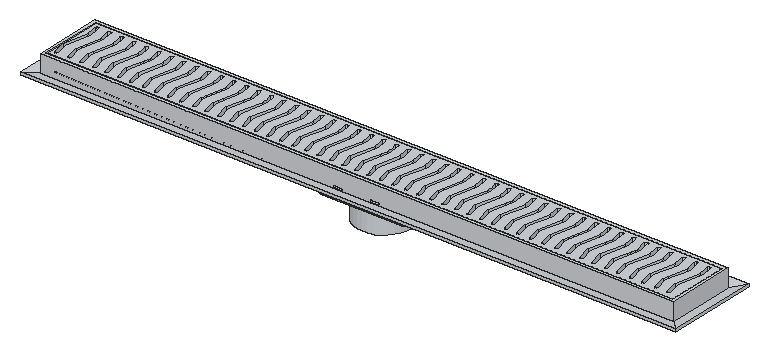
Revit family "Ralo_Linear_Grelha", category Plumbing Fixtures, host Face, Revit 2025
Family settings
  Host = Face
  Round Connector Dimension = Use Radius
  Part Type = Normal
  Enable Cutting in Views = No
  Cut with Voids When Loaded = No
  Maintain Annotation Orientation = No
  Shared = No
  Room Calculation Point = No
Parameters (values of type "RALO LINEAR 50CM FLAT GRELHA BRANCA CB")
  Vazios Grelha = 25
  URL = "http://www.tigre.com.br"
  Tigre: Sistema = "Esgoto"  # constant formula
  Tigre: Norma = ""
  Tigre: Material = "PVC Branco"
  Tigre: Marcador = "00"
  Tigre: Link do Produto = "http://www.tigre.com.br/pt/produtos_unico.php?rcr_id=4&cpr_id=10&cpr_id_pai=4&lnh_id=11&prd_id=129"
  Tigre: Linha = "Caixas e Ralos"  # constant formula
  Tigre: Fabricante = "© Tigre S/A"  # constant formula
  Tigre: Descrição = "Ralo Linear Grelha Branca 50cm, Esgoto - TIGRE"
  Tigre: Código com Separador = "100.01.890.2"
  Tigre: Código = 100018902
  Tigre: Comentários = ""
  Raio Nominal = Diâmetro Nominal / 2  # 20.00 mm
  Model = ""
  Manufacturer = Tigre: Fabricante  # "© Tigre S/A"
  Grelha [instance] = none
  Diâmetro Nominal = 40.00 mm
  Description = Tigre: Descrição  # "Ralo Linear Grelha Branca 50cm, Esgoto - TIGRE"
  Default Elevation = 0.00 mm
  Cota L = 503.00 mm
  Caixas e Ralos [instance] = none
Reference planes
  plane 1 "Center (Front/Back)": y = 0
  plane 2: z = 0
  plane 3 "Center (Left/Right)": x = 0
  plane 4: z = -100
  plane 5: z = 0
  plane 6: z = -25
  plane 7: z = 0
  plane 8: z = -12.46
  plane 9: z = -29.088
  plane 10: z = -32.467
  plane 11: x = -254
  plane 12: x = -251.5
  plane 13: x = 254
  plane 14: x = 251.5
  plane 15: y = 27.5
  plane 16: y = 25
  plane 17: y = -27.5
  plane 18: y = -25
  plane 19: z = -41
  plane 20: x = -250.999
  plane 21: y = 24.5
  plane 22: y = -24.5
  plane 23: x = 251
  plane 24: x = -263
  plane 25: y = 36.5
  plane 26: y = -36.5
  plane 27: x = 263
  plane 28: x = -65.5
  plane 29: x = -145.5
  plane 30: x = -225.5
  plane 31: x = 65.5
  plane 32: x = 145.5
  plane 33: x = 225.5
Forms (mm)
  Blend 1, solid, material <- "Caixas e Ralos", detail levels fine
    base sketch origin (0, 0, 6.5) x (0, 1, 0) y (0, 0, 1)
      loop
        line (-27.5, -6.5) -> (-27.5, -21.002) -> (-17.424, -21.002) -> (-16.876, -22.911)
        arc (-16.876, -22.911) -> (-16.157, -23.957) -> (-14.954, -24.36) r 2
        line (-14.954, -24.36) -> (14.954, -24.36)
        arc (14.954, -24.36) -> (16.157, -23.957) -> (16.876, -22.911) r 2
        line (16.876, -22.911) -> (17.424, -21.002) -> (27.5, -21.002) -> (27.5, -6.5) -> (-27.5, -6.5)
    top sketch origin (0, 0, 6.5) x (0, 1, 0) y (0, 0, 1)
      loop
        line (-27.5, -6.5) -> (-27.5, -21.301) -> (-20.644, -21.301) -> (-18.902, -27.301)
        arc (-18.902, -27.301) -> (-18.221, -28.447) -> (-16.966, -28.897) r 1.972
        line (-16.966, -28.897) -> (16.984, -28.897)
        arc (16.984, -28.897) -> (18.237, -28.447) -> (18.918, -27.304) r 1.97
        line (18.918, -27.304) -> (20.644, -21.301) -> (27.5, -21.301) -> (27.5, -6.5) -> (-27.5, -6.5)
    from 251.5 to 0
  Extrusion 2, solid, material <- "Caixas e Ralos", detail levels fine
    sketch origin (0, 0, 6.5) x (0, 1, 0) y (0, 0, 1)
      loop
        line (-27.5, -6.5) -> (-27.5, -21.002) -> (-17.424, -21.002) -> (-16.876, -22.911)
        arc (-16.876, -22.911) -> (-16.157, -23.957) -> (-14.954, -24.36) r 2
        line (-14.954, -24.36) -> (14.954, -24.36)
        arc (14.954, -24.36) -> (16.157, -23.957) -> (16.876, -22.911) r 2
        line (16.876, -22.911) -> (17.424, -21.002) -> (27.5, -21.002) -> (27.5, -6.5) -> (-27.5, -6.5)
    from 251.5 to 254
  Blend 3, solid, material <- "Caixas e Ralos", detail levels fine
    base sketch origin (0, 0, 6.5) x (0, 1, 0) y (0, 0, -1)
      loop
        line (-27.5, 6.5) -> (27.5, 6.5) -> (27.5, 21.002) -> (17.424, 21.002) -> (16.876, 22.911)
        arc (16.876, 22.911) -> (16.157, 23.957) -> (14.954, 24.36) r 2
        line (14.954, 24.36) -> (-14.954, 24.36)
        arc (-14.954, 24.36) -> (-16.157, 23.957) -> (-16.876, 22.911) r 2
        line (-16.876, 22.911) -> (-17.424, 21.002) -> (-27.5, 21.002) -> (-27.5, 6.5)
    top sketch origin (0, 0, 6.5) x (0, 1, 0) y (0, 0, -1)
      loop
        line (-27.5, 6.5) -> (27.5, 6.5) -> (27.5, 21.301) -> (20.644, 21.301) -> (18.918, 27.304)
        arc (18.918, 27.304) -> (18.237, 28.447) -> (16.984, 28.897) r 1.97
        line (16.984, 28.897) -> (-16.966, 28.897)
        arc (-16.966, 28.897) -> (-18.221, 28.447) -> (-18.902, 27.301) r 1.972
        line (-18.902, 27.301) -> (-20.644, 21.301) -> (-27.5, 21.301) -> (-27.5, 6.5)
    from 251.5 to 0
  Blend 4, void
    base sketch origin (0, 0, 6.5) x (0, 1, 0) y (0, 0, -1)
      loop
        line (25, 6.5) -> (25, 18.502) -> (15.54, 18.502) -> (14.577, 21.86) -> (-14.577, 21.86) -> (-15.54, 18.502) -> (-25, 18.502) -> (-25, 6.5) -> (25, 6.5)
    top sketch origin (0, 0, 6.5) x (0, 1, 0) y (0, 0, -1)
      loop
        line (25, 18.801) -> (18.762, 18.801) -> (16.577, 26.397) -> (-16.562, 26.397) -> (-18.767, 18.801) -> (-25, 18.801) -> (-25, 6.5) -> (25, 6.5) -> (25, 18.801)
    from 251.5 to 0
  Extrusion 5, solid, material <- "Caixas e Ralos", detail levels fine
    sketch origin (0, 0, 6.5) x (0, 1, 0) y (0, 0, -1)
      loop
        line (-27.5, 6.5) -> (27.5, 6.5) -> (27.5, 21.002) -> (17.424, 21.002) -> (16.876, 22.911)
        arc (16.876, 22.911) -> (16.157, 23.957) -> (14.954, 24.36) r 2
        line (14.954, 24.36) -> (-14.954, 24.36)
        arc (-14.954, 24.36) -> (-16.157, 23.957) -> (-16.876, 22.911) r 2
        line (-16.876, 22.911) -> (-17.424, 21.002) -> (-27.5, 21.002) -> (-27.5, 6.5)
    from 251.5 to 254
  Extrusion 6, solid, material <- "Caixas e Ralos", detail levels fine
    sketch origin (-193.051, -4572, -2.502) x (-1, 0, 0) y (0, -1, 0)
      loop
        line (-154.333, -4587.145) -> (-154.333, -4556.855)
        arc (-154.333, -4556.855) -> (-156.676, -4551.199) -> (-162.333, -4548.855) r 8
        line (-162.333, -4548.855) -> (-223.768, -4548.855)
        arc (-223.768, -4548.855) -> (-229.425, -4551.199) -> (-231.768, -4556.855) r 8
        line (-231.768, -4556.855) -> (-231.768, -4587.145)
        arc (-231.768, -4587.145) -> (-229.425, -4592.801) -> (-223.768, -4595.145) r 8
        line (-223.768, -4595.145) -> (-162.333, -4595.145)
        arc (-162.333, -4595.145) -> (-156.676, -4592.801) -> (-154.333, -4587.145) r 8
      loop
        line (-156.833, -4587.145) -> (-156.833, -4556.855)
        arc (-156.833, -4556.855) -> (-158.444, -4552.966) -> (-162.333, -4551.355) r 5.5
        line (-162.333, -4551.355) -> (-223.768, -4551.355)
        arc (-223.768, -4551.355) -> (-227.657, -4552.966) -> (-229.268, -4556.855) r 5.5
        line (-229.268, -4556.855) -> (-229.268, -4587.145)
        arc (-229.268, -4587.145) -> (-227.657, -4591.034) -> (-223.768, -4592.645) r 5.5
        line (-223.768, -4592.645) -> (-162.333, -4592.645)
        arc (-162.333, -4592.645) -> (-158.444, -4591.034) -> (-156.833, -4587.145) r 5.5
    from -20.216 to -9.958
  Extrusion 7, solid, material <- "Caixas e Ralos", detail levels fine
    sketch origin (-193.051, -4572, -2.502) x (-1, 0, 0) y (0, -1, 0)
      loop
        line (-154.333, -4587.145) -> (-154.333, -4556.855)
        arc (-154.333, -4556.855) -> (-156.676, -4551.199) -> (-162.333, -4548.855) r 8
        line (-162.333, -4548.855) -> (-223.768, -4548.855)
        arc (-223.768, -4548.855) -> (-229.425, -4551.199) -> (-231.768, -4556.855) r 8
        line (-231.768, -4556.855) -> (-231.768, -4587.145)
        arc (-231.768, -4587.145) -> (-229.425, -4592.801) -> (-223.768, -4595.145) r 8
        line (-223.768, -4595.145) -> (-162.333, -4595.145)
        arc (-162.333, -4595.145) -> (-156.676, -4592.801) -> (-154.333, -4587.145) r 8
      loop
        circle (-193.051, -4572) r 20
    from -22.498 to -20.216
  Extrusion 8, solid, material <- "Caixas e Ralos", detail levels fine
    sketch origin (-193.051, -4572, -2.502) x (-1, 0, 0) y (0, -1, 0)
      loop
        circle (-193.051, -4572) r 20
      loop
        circle (-193.051, -4572) r 22
    from -38.498 to -22.498
  Extrusion 9, void
    sketch origin (-193.051, -4572, -2.502) x (-1, 0, 0) y (0, -1, 0)
      loop
        circle (-193.051, -4572) r 19
    from -22.498 to -16.798
  Extrusion 10, solid, material <- "Caixas e Ralos", detail levels fine
    sketch origin (-193.051, -4572, -2.502) x (-1, 0, 0) y (0, -1, 0)
      loop
        line (69.949, -4608.5) -> (69.949, -4535.5) -> (-456.051, -4535.5) -> (-456.051, -4608.5) -> (69.949, -4608.5)
      loop
        line (-447.051, -4599.5) -> (60.949, -4599.5) -> (60.949, -4544.5) -> (-447.051, -4544.5) -> (-447.051, -4599.5)
    from -12 to -9.958
  Extrusion 11, solid, material <- "Grelha", detail levels fine
    sketch origin (-193.051, -4572, -9.002) x (-1, 0, 0) y (0, -1, 0)
      loop
        line (57.949, -4596.5) -> (57.949, -4547.5) -> (-444.051, -4547.5) -> (-444.051, -4596.5) -> (57.949, -4596.5)
    from 0 to 9.002
  Extrusion 12, void
    sketch origin (-183.051, -4572, -9.002) x (-1, 0, 0) y (0, -1, 0)
      loop
        line (-175.673, -4591.389) -> (-177.204, -4582.705) -> (-172.709, -4563.237) -> (-175.57, -4551.858)
        arc (-175.57, -4551.858) -> (-177.239, -4550.86) -> (-178.237, -4552.528) r 1.375
        line (-178.237, -4552.528) -> (-175.538, -4563.264) -> (-180.009, -4582.632) -> (-178.381, -4591.866)
        arc (-178.381, -4591.866) -> (-176.788, -4592.982) -> (-175.673, -4591.389) r 1.375
    from 0 to 9.002
  Extrusion 13, void
    sketch origin (-193.076, -4572, -9.002) x (-1, 0, 0) y (0, -1, 0)
      loop
        line (-175.673, -4591.389) -> (-177.204, -4582.705) -> (-172.709, -4563.237) -> (-175.57, -4551.858)
        arc (-175.57, -4551.858) -> (-177.239, -4550.86) -> (-178.237, -4552.528) r 1.375
        line (-178.237, -4552.528) -> (-175.538, -4563.264) -> (-180.009, -4582.632) -> (-178.381, -4591.866)
        arc (-178.381, -4591.866) -> (-176.788, -4592.982) -> (-175.673, -4591.389) r 1.375
    from 0 to 9.002
  Extrusion 14, void
    sketch origin (-203.101, -4572, -9.002) x (-1, 0, 0) y (0, -1, 0)
      loop
        line (-175.673, -4591.389) -> (-177.204, -4582.705) -> (-172.709, -4563.237) -> (-175.57, -4551.858)
        arc (-175.57, -4551.858) -> (-177.239, -4550.86) -> (-178.237, -4552.528) r 1.375
        line (-178.237, -4552.528) -> (-175.538, -4563.264) -> (-180.009, -4582.632) -> (-178.381, -4591.866)
        arc (-178.381, -4591.866) -> (-176.788, -4592.982) -> (-175.673, -4591.389) r 1.375
    from 0 to 9.002
  Extrusion 15, void
    sketch origin (-213.126, -4572, -9.002) x (-1, 0, 0) y (0, -1, 0)
      loop
        line (-175.673, -4591.389) -> (-177.204, -4582.705) -> (-172.709, -4563.237) -> (-175.57, -4551.858)
        arc (-175.57, -4551.858) -> (-177.239, -4550.86) -> (-178.237, -4552.528) r 1.375
        line (-178.237, -4552.528) -> (-175.538, -4563.264) -> (-180.009, -4582.632) -> (-178.381, -4591.866)
        arc (-178.381, -4591.866) -> (-176.788, -4592.982) -> (-175.673, -4591.389) r 1.375
    from 0 to 9.002
  Extrusion 16, void
    sketch origin (-223.151, -4572, -9.002) x (-1, 0, 0) y (0, -1, 0)
      loop
        line (-175.673, -4591.389) -> (-177.204, -4582.705) -> (-172.709, -4563.237) -> (-175.57, -4551.858)
        arc (-175.57, -4551.858) -> (-177.239, -4550.86) -> (-178.237, -4552.528) r 1.375
        line (-178.237, -4552.528) -> (-175.538, -4563.264) -> (-180.009, -4582.632) -> (-178.381, -4591.866)
        arc (-178.381, -4591.866) -> (-176.788, -4592.982) -> (-175.673, -4591.389) r 1.375
    from 0 to 9.002
  Extrusion 17, void
    sketch origin (-233.176, -4572, -9.002) x (-1, 0, 0) y (0, -1, 0)
      loop
        line (-175.673, -4591.389) -> (-177.204, -4582.705) -> (-172.709, -4563.237) -> (-175.57, -4551.858)
        arc (-175.57, -4551.858) -> (-177.239, -4550.86) -> (-178.237, -4552.528) r 1.375
        line (-178.237, -4552.528) -> (-175.538, -4563.264) -> (-180.009, -4582.632) -> (-178.381, -4591.866)
        arc (-178.381, -4591.866) -> (-176.788, -4592.982) -> (-175.673, -4591.389) r 1.375
    from 0 to 9.002
  Extrusion 18, void
    sketch origin (-243.202, -4572, -9.002) x (-1, 0, 0) y (0, -1, 0)
      loop
        line (-175.673, -4591.389) -> (-177.204, -4582.705) -> (-172.709, -4563.237) -> (-175.57, -4551.858)
        arc (-175.57, -4551.858) -> (-177.239, -4550.86) -> (-178.237, -4552.528) r 1.375
        line (-178.237, -4552.528) -> (-175.538, -4563.264) -> (-180.009, -4582.632) -> (-178.381, -4591.866)
        arc (-178.381, -4591.866) -> (-176.788, -4592.982) -> (-175.673, -4591.389) r 1.375
    from 0 to 9.002
  Extrusion 19, void
    sketch origin (-253.227, -4572, -9.002) x (-1, 0, 0) y (0, -1, 0)
      loop
        line (-175.673, -4591.389) -> (-177.204, -4582.705) -> (-172.709, -4563.237) -> (-175.57, -4551.858)
        arc (-175.57, -4551.858) -> (-177.239, -4550.86) -> (-178.237, -4552.528) r 1.375
        line (-178.237, -4552.528) -> (-175.538, -4563.264) -> (-180.009, -4582.632) -> (-178.381, -4591.866)
        arc (-178.381, -4591.866) -> (-176.788, -4592.982) -> (-175.673, -4591.389) r 1.375
    from 0 to 9.002
  Extrusion 20, void
    sketch origin (-263.252, -4572, -9.002) x (-1, 0, 0) y (0, -1, 0)
      loop
        line (-175.673, -4591.389) -> (-177.204, -4582.705) -> (-172.709, -4563.237) -> (-175.57, -4551.858)
        arc (-175.57, -4551.858) -> (-177.239, -4550.86) -> (-178.237, -4552.528) r 1.375
        line (-178.237, -4552.528) -> (-175.538, -4563.264) -> (-180.009, -4582.632) -> (-178.381, -4591.866)
        arc (-178.381, -4591.866) -> (-176.788, -4592.982) -> (-175.673, -4591.389) r 1.375
    from 0 to 9.002
  Extrusion 21, void
    sketch origin (-273.277, -4572, -9.002) x (-1, 0, 0) y (0, -1, 0)
      loop
        line (-175.673, -4591.389) -> (-177.204, -4582.705) -> (-172.709, -4563.237) -> (-175.57, -4551.858)
        arc (-175.57, -4551.858) -> (-177.239, -4550.86) -> (-178.237, -4552.528) r 1.375
        line (-178.237, -4552.528) -> (-175.538, -4563.264) -> (-180.009, -4582.632) -> (-178.381, -4591.866)
        arc (-178.381, -4591.866) -> (-176.788, -4592.982) -> (-175.673, -4591.389) r 1.375
    from 0 to 9.002
  Extrusion 22, void
    sketch origin (-283.302, -4572, -9.002) x (-1, 0, 0) y (0, -1, 0)
      loop
        line (-175.673, -4591.389) -> (-177.204, -4582.705) -> (-172.709, -4563.237) -> (-175.57, -4551.858)
        arc (-175.57, -4551.858) -> (-177.239, -4550.86) -> (-178.237, -4552.528) r 1.375
        line (-178.237, -4552.528) -> (-175.538, -4563.264) -> (-180.009, -4582.632) -> (-178.381, -4591.866)
        arc (-178.381, -4591.866) -> (-176.788, -4592.982) -> (-175.673, -4591.389) r 1.375
    from 0 to 9.002
  Extrusion 23, void
    sketch origin (-293.327, -4572, -9.002) x (-1, 0, 0) y (0, -1, 0)
      loop
        line (-175.673, -4591.389) -> (-177.204, -4582.705) -> (-172.709, -4563.237) -> (-175.57, -4551.858)
        arc (-175.57, -4551.858) -> (-177.239, -4550.86) -> (-178.237, -4552.528) r 1.375
        line (-178.237, -4552.528) -> (-175.538, -4563.264) -> (-180.009, -4582.632) -> (-178.381, -4591.866)
        arc (-178.381, -4591.866) -> (-176.788, -4592.982) -> (-175.673, -4591.389) r 1.375
    from 0 to 9.002
  Extrusion 24, void
    sketch origin (-303.352, -4572, -9.002) x (-1, 0, 0) y (0, -1, 0)
      loop
        line (-175.673, -4591.389) -> (-177.204, -4582.705) -> (-172.709, -4563.237) -> (-175.57, -4551.858)
        arc (-175.57, -4551.858) -> (-177.239, -4550.86) -> (-178.237, -4552.528) r 1.375
        line (-178.237, -4552.528) -> (-175.538, -4563.264) -> (-180.009, -4582.632) -> (-178.381, -4591.866)
        arc (-178.381, -4591.866) -> (-176.788, -4592.982) -> (-175.673, -4591.389) r 1.375
    from 0 to 9.002
  Extrusion 25, void
    sketch origin (-313.378, -4572, -9.002) x (-1, 0, 0) y (0, -1, 0)
      loop
        line (-175.673, -4591.389) -> (-177.204, -4582.705) -> (-172.709, -4563.237) -> (-175.57, -4551.858)
        arc (-175.57, -4551.858) -> (-177.239, -4550.86) -> (-178.237, -4552.528) r 1.375
        line (-178.237, -4552.528) -> (-175.538, -4563.264) -> (-180.009, -4582.632) -> (-178.381, -4591.866)
        arc (-178.381, -4591.866) -> (-176.788, -4592.982) -> (-175.673, -4591.389) r 1.375
    from 0 to 9.002
  Extrusion 26, void
    sketch origin (-323.403, -4572, -9.002) x (-1, 0, 0) y (0, -1, 0)
      loop
        line (-175.673, -4591.389) -> (-177.204, -4582.705) -> (-172.709, -4563.237) -> (-175.57, -4551.858)
        arc (-175.57, -4551.858) -> (-177.239, -4550.86) -> (-178.237, -4552.528) r 1.375
        line (-178.237, -4552.528) -> (-175.538, -4563.264) -> (-180.009, -4582.632) -> (-178.381, -4591.866)
        arc (-178.381, -4591.866) -> (-176.788, -4592.982) -> (-175.673, -4591.389) r 1.375
    from 0 to 9.002
  Extrusion 27, void
    sketch origin (-333.428, -4572, -9.002) x (-1, 0, 0) y (0, -1, 0)
      loop
        line (-175.673, -4591.389) -> (-177.204, -4582.705) -> (-172.709, -4563.237) -> (-175.57, -4551.858)
        arc (-175.57, -4551.858) -> (-177.239, -4550.86) -> (-178.237, -4552.528) r 1.375
        line (-178.237, -4552.528) -> (-175.538, -4563.264) -> (-180.009, -4582.632) -> (-178.381, -4591.866)
        arc (-178.381, -4591.866) -> (-176.788, -4592.982) -> (-175.673, -4591.389) r 1.375
    from 0 to 9.002
  Extrusion 28, void
    sketch origin (-343.453, -4572, -9.002) x (-1, 0, 0) y (0, -1, 0)
      loop
        line (-175.673, -4591.389) -> (-177.204, -4582.705) -> (-172.709, -4563.237) -> (-175.57, -4551.858)
        arc (-175.57, -4551.858) -> (-177.239, -4550.86) -> (-178.237, -4552.528) r 1.375
        line (-178.237, -4552.528) -> (-175.538, -4563.264) -> (-180.009, -4582.632) -> (-178.381, -4591.866)
        arc (-178.381, -4591.866) -> (-176.788, -4592.982) -> (-175.673, -4591.389) r 1.375
    from 0 to 9.002
  Extrusion 29, void
    sketch origin (-353.478, -4572, -9.002) x (-1, 0, 0) y (0, -1, 0)
      loop
        line (-175.673, -4591.389) -> (-177.204, -4582.705) -> (-172.709, -4563.237) -> (-175.57, -4551.858)
        arc (-175.57, -4551.858) -> (-177.239, -4550.86) -> (-178.237, -4552.528) r 1.375
        line (-178.237, -4552.528) -> (-175.538, -4563.264) -> (-180.009, -4582.632) -> (-178.381, -4591.866)
        arc (-178.381, -4591.866) -> (-176.788, -4592.982) -> (-175.673, -4591.389) r 1.375
    from 0 to 9.002
  Extrusion 30, void
    sketch origin (-363.503, -4572, -9.002) x (-1, 0, 0) y (0, -1, 0)
      loop
        line (-175.673, -4591.389) -> (-177.204, -4582.705) -> (-172.709, -4563.237) -> (-175.57, -4551.858)
        arc (-175.57, -4551.858) -> (-177.239, -4550.86) -> (-178.237, -4552.528) r 1.375
        line (-178.237, -4552.528) -> (-175.538, -4563.264) -> (-180.009, -4582.632) -> (-178.381, -4591.866)
        arc (-178.381, -4591.866) -> (-176.788, -4592.982) -> (-175.673, -4591.389) r 1.375
    from 0 to 9.002
  Extrusion 31, void
    sketch origin (-373.528, -4572, -9.002) x (-1, 0, 0) y (0, -1, 0)
      loop
        line (-175.673, -4591.389) -> (-177.204, -4582.705) -> (-172.709, -4563.237) -> (-175.57, -4551.858)
        arc (-175.57, -4551.858) -> (-177.239, -4550.86) -> (-178.237, -4552.528) r 1.375
        line (-178.237, -4552.528) -> (-175.538, -4563.264) -> (-180.009, -4582.632) -> (-178.381, -4591.866)
        arc (-178.381, -4591.866) -> (-176.788, -4592.982) -> (-175.673, -4591.389) r 1.375
    from 0 to 9.002
  Extrusion 32, void
    sketch origin (-383.554, -4572, -9.002) x (-1, 0, 0) y (0, -1, 0)
      loop
        line (-175.673, -4591.389) -> (-177.204, -4582.705) -> (-172.709, -4563.237) -> (-175.57, -4551.858)
        arc (-175.57, -4551.858) -> (-177.239, -4550.86) -> (-178.237, -4552.528) r 1.375
        line (-178.237, -4552.528) -> (-175.538, -4563.264) -> (-180.009, -4582.632) -> (-178.381, -4591.866)
        arc (-178.381, -4591.866) -> (-176.788, -4592.982) -> (-175.673, -4591.389) r 1.375
    from 0 to 9.002
  Extrusion 33, void
    sketch origin (-393.579, -4572, -9.002) x (-1, 0, 0) y (0, -1, 0)
      loop
        line (-175.673, -4591.389) -> (-177.204, -4582.705) -> (-172.709, -4563.237) -> (-175.57, -4551.858)
        arc (-175.57, -4551.858) -> (-177.239, -4550.86) -> (-178.237, -4552.528) r 1.375
        line (-178.237, -4552.528) -> (-175.538, -4563.264) -> (-180.009, -4582.632) -> (-178.381, -4591.866)
        arc (-178.381, -4591.866) -> (-176.788, -4592.982) -> (-175.673, -4591.389) r 1.375
    from 0 to 9.002
  Extrusion 34, void
    sketch origin (-403.604, -4572, -9.002) x (-1, 0, 0) y (0, -1, 0)
      loop
        line (-175.673, -4591.389) -> (-177.204, -4582.705) -> (-172.709, -4563.237) -> (-175.57, -4551.858)
        arc (-175.57, -4551.858) -> (-177.239, -4550.86) -> (-178.237, -4552.528) r 1.375
        line (-178.237, -4552.528) -> (-175.538, -4563.264) -> (-180.009, -4582.632) -> (-178.381, -4591.866)
        arc (-178.381, -4591.866) -> (-176.788, -4592.982) -> (-175.673, -4591.389) r 1.375
    from 0 to 9.002
  Extrusion 35, void
    sketch origin (-413.629, -4572, -9.002) x (-1, 0, 0) y (0, -1, 0)
      loop
        line (-175.673, -4591.389) -> (-177.204, -4582.705) -> (-172.709, -4563.237) -> (-175.57, -4551.858)
        arc (-175.57, -4551.858) -> (-177.239, -4550.86) -> (-178.237, -4552.528) r 1.375
        line (-178.237, -4552.528) -> (-175.538, -4563.264) -> (-180.009, -4582.632) -> (-178.381, -4591.866)
        arc (-178.381, -4591.866) -> (-176.788, -4592.982) -> (-175.673, -4591.389) r 1.375
    from 0 to 9.002
  Extrusion 36, void
    sketch origin (-423.654, -4572, -9.002) x (-1, 0, 0) y (0, -1, 0)
      loop
        line (-175.673, -4591.389) -> (-177.204, -4582.705) -> (-172.709, -4563.237) -> (-175.57, -4551.858)
        arc (-175.57, -4551.858) -> (-177.239, -4550.86) -> (-178.237, -4552.528) r 1.375
        line (-178.237, -4552.528) -> (-175.538, -4563.264) -> (-180.009, -4582.632) -> (-178.381, -4591.866)
        arc (-178.381, -4591.866) -> (-176.788, -4592.982) -> (-175.673, -4591.389) r 1.375
    from 0 to 9.002
  Extrusion 37, void
    sketch origin (-173.026, -4572, -9.002) x (-1, 0, 0) y (0, -1, 0)
      loop
        line (-175.673, -4591.389) -> (-177.204, -4582.705) -> (-172.709, -4563.237) -> (-175.57, -4551.858)
        arc (-175.57, -4551.858) -> (-177.239, -4550.86) -> (-178.237, -4552.528) r 1.375
        line (-178.237, -4552.528) -> (-175.538, -4563.264) -> (-180.009, -4582.632) -> (-178.381, -4591.866)
        arc (-178.381, -4591.866) -> (-176.788, -4592.982) -> (-175.673, -4591.389) r 1.375
    from 0 to 9.002
  Extrusion 38, void
    sketch origin (-163, -4572, -9.002) x (-1, 0, 0) y (0, -1, 0)
      loop
        line (-175.673, -4591.389) -> (-177.204, -4582.705) -> (-172.709, -4563.237) -> (-175.57, -4551.858)
        arc (-175.57, -4551.858) -> (-177.239, -4550.86) -> (-178.237, -4552.528) r 1.375
        line (-178.237, -4552.528) -> (-175.538, -4563.264) -> (-180.009, -4582.632) -> (-178.381, -4591.866)
        arc (-178.381, -4591.866) -> (-176.788, -4592.982) -> (-175.673, -4591.389) r 1.375
    from 0 to 9.002
  Extrusion 39, void
    sketch origin (-152.975, -4572, -9.002) x (-1, 0, 0) y (0, -1, 0)
      loop
        line (-175.673, -4591.389) -> (-177.204, -4582.705) -> (-172.709, -4563.237) -> (-175.57, -4551.858)
        arc (-175.57, -4551.858) -> (-177.239, -4550.86) -> (-178.237, -4552.528) r 1.375
        line (-178.237, -4552.528) -> (-175.538, -4563.264) -> (-180.009, -4582.632) -> (-178.381, -4591.866)
        arc (-178.381, -4591.866) -> (-176.788, -4592.982) -> (-175.673, -4591.389) r 1.375
    from 0 to 9.002
  Extrusion 40, void
    sketch origin (-142.95, -4572, -9.002) x (-1, 0, 0) y (0, -1, 0)
      loop
        line (-175.673, -4591.389) -> (-177.204, -4582.705) -> (-172.709, -4563.237) -> (-175.57, -4551.858)
        arc (-175.57, -4551.858) -> (-177.239, -4550.86) -> (-178.237, -4552.528) r 1.375
        line (-178.237, -4552.528) -> (-175.538, -4563.264) -> (-180.009, -4582.632) -> (-178.381, -4591.866)
        arc (-178.381, -4591.866) -> (-176.788, -4592.982) -> (-175.673, -4591.389) r 1.375
    from 0 to 9.002
  Extrusion 41, void
    sketch origin (-132.925, -4572, -9.002) x (-1, 0, 0) y (0, -1, 0)
      loop
        line (-175.673, -4591.389) -> (-177.204, -4582.705) -> (-172.709, -4563.237) -> (-175.57, -4551.858)
        arc (-175.57, -4551.858) -> (-177.239, -4550.86) -> (-178.237, -4552.528) r 1.375
        line (-178.237, -4552.528) -> (-175.538, -4563.264) -> (-180.009, -4582.632) -> (-178.381, -4591.866)
        arc (-178.381, -4591.866) -> (-176.788, -4592.982) -> (-175.673, -4591.389) r 1.375
    from 0 to 9.002
  Extrusion 42, void
    sketch origin (-122.9, -4572, -9.002) x (-1, 0, 0) y (0, -1, 0)
      loop
        line (-175.673, -4591.389) -> (-177.204, -4582.705) -> (-172.709, -4563.237) -> (-175.57, -4551.858)
        arc (-175.57, -4551.858) -> (-177.239, -4550.86) -> (-178.237, -4552.528) r 1.375
        line (-178.237, -4552.528) -> (-175.538, -4563.264) -> (-180.009, -4582.632) -> (-178.381, -4591.866)
        arc (-178.381, -4591.866) -> (-176.788, -4592.982) -> (-175.673, -4591.389) r 1.375
    from 0 to 9.002
  Extrusion 43, void
    sketch origin (-112.875, -4572, -9.002) x (-1, 0, 0) y (0, -1, 0)
      loop
        line (-175.673, -4591.389) -> (-177.204, -4582.705) -> (-172.709, -4563.237) -> (-175.57, -4551.858)
        arc (-175.57, -4551.858) -> (-177.239, -4550.86) -> (-178.237, -4552.528) r 1.375
        line (-178.237, -4552.528) -> (-175.538, -4563.264) -> (-180.009, -4582.632) -> (-178.381, -4591.866)
        arc (-178.381, -4591.866) -> (-176.788, -4592.982) -> (-175.673, -4591.389) r 1.375
    from 0 to 9.002
  Extrusion 44, void
    sketch origin (-102.85, -4572, -9.002) x (-1, 0, 0) y (0, -1, 0)
      loop
        line (-175.673, -4591.389) -> (-177.204, -4582.705) -> (-172.709, -4563.237) -> (-175.57, -4551.858)
        arc (-175.57, -4551.858) -> (-177.239, -4550.86) -> (-178.237, -4552.528) r 1.375
        line (-178.237, -4552.528) -> (-175.538, -4563.264) -> (-180.009, -4582.632) -> (-178.381, -4591.866)
        arc (-178.381, -4591.866) -> (-176.788, -4592.982) -> (-175.673, -4591.389) r 1.375
    from 0 to 9.002
  Extrusion 45, void
    sketch origin (-92.824, -4572, -9.002) x (-1, 0, 0) y (0, -1, 0)
      loop
        line (-175.673, -4591.389) -> (-177.204, -4582.705) -> (-172.709, -4563.237) -> (-175.57, -4551.858)
        arc (-175.57, -4551.858) -> (-177.239, -4550.86) -> (-178.237, -4552.528) r 1.375
        line (-178.237, -4552.528) -> (-175.538, -4563.264) -> (-180.009, -4582.632) -> (-178.381, -4591.866)
        arc (-178.381, -4591.866) -> (-176.788, -4592.982) -> (-175.673, -4591.389) r 1.375
    from 0 to 9.002
  Extrusion 46, void
    sketch origin (-82.799, -4572, -9.002) x (-1, 0, 0) y (0, -1, 0)
      loop
        line (-175.673, -4591.389) -> (-177.204, -4582.705) -> (-172.709, -4563.237) -> (-175.57, -4551.858)
        arc (-175.57, -4551.858) -> (-177.239, -4550.86) -> (-178.237, -4552.528) r 1.375
        line (-178.237, -4552.528) -> (-175.538, -4563.264) -> (-180.009, -4582.632) -> (-178.381, -4591.866)
        arc (-178.381, -4591.866) -> (-176.788, -4592.982) -> (-175.673, -4591.389) r 1.375
    from 0 to 9.002
  Extrusion 47, void
    sketch origin (-72.774, -4572, -9.002) x (-1, 0, 0) y (0, -1, 0)
      loop
        line (-175.673, -4591.389) -> (-177.204, -4582.705) -> (-172.709, -4563.237) -> (-175.57, -4551.858)
        arc (-175.57, -4551.858) -> (-177.239, -4550.86) -> (-178.237, -4552.528) r 1.375
        line (-178.237, -4552.528) -> (-175.538, -4563.264) -> (-180.009, -4582.632) -> (-178.381, -4591.866)
        arc (-178.381, -4591.866) -> (-176.788, -4592.982) -> (-175.673, -4591.389) r 1.375
    from 0 to 9.002
  Extrusion 48, void
    sketch origin (-62.749, -4572, -9.002) x (-1, 0, 0) y (0, -1, 0)
      loop
        line (-175.673, -4591.389) -> (-177.204, -4582.705) -> (-172.709, -4563.237) -> (-175.57, -4551.858)
        arc (-175.57, -4551.858) -> (-177.239, -4550.86) -> (-178.237, -4552.528) r 1.375
        line (-178.237, -4552.528) -> (-175.538, -4563.264) -> (-180.009, -4582.632) -> (-178.381, -4591.866)
        arc (-178.381, -4591.866) -> (-176.788, -4592.982) -> (-175.673, -4591.389) r 1.375
    from 0 to 9.002
  Extrusion 49, void
    sketch origin (-52.724, -4572, -9.002) x (-1, 0, 0) y (0, -1, 0)
      loop
        line (-175.673, -4591.389) -> (-177.204, -4582.705) -> (-172.709, -4563.237) -> (-175.57, -4551.858)
        arc (-175.57, -4551.858) -> (-177.239, -4550.86) -> (-178.237, -4552.528) r 1.375
        line (-178.237, -4552.528) -> (-175.538, -4563.264) -> (-180.009, -4582.632) -> (-178.381, -4591.866)
        arc (-178.381, -4591.866) -> (-176.788, -4592.982) -> (-175.673, -4591.389) r 1.375
    from 0 to 9.002
  Extrusion 50, void
    sketch origin (-42.699, -4572, -9.002) x (-1, 0, 0) y (0, -1, 0)
      loop
        line (-175.673, -4591.389) -> (-177.204, -4582.705) -> (-172.709, -4563.237) -> (-175.57, -4551.858)
        arc (-175.57, -4551.858) -> (-177.239, -4550.86) -> (-178.237, -4552.528) r 1.375
        line (-178.237, -4552.528) -> (-175.538, -4563.264) -> (-180.009, -4582.632) -> (-178.381, -4591.866)
        arc (-178.381, -4591.866) -> (-176.788, -4592.982) -> (-175.673, -4591.389) r 1.375
    from 0 to 9.002
  Extrusion 51, void
    sketch origin (-32.674, -4572, -9.002) x (-1, 0, 0) y (0, -1, 0)
      loop
        line (-175.673, -4591.389) -> (-177.204, -4582.705) -> (-172.709, -4563.237) -> (-175.57, -4551.858)
        arc (-175.57, -4551.858) -> (-177.239, -4550.86) -> (-178.237, -4552.528) r 1.375
        line (-178.237, -4552.528) -> (-175.538, -4563.264) -> (-180.009, -4582.632) -> (-178.381, -4591.866)
        arc (-178.381, -4591.866) -> (-176.788, -4592.982) -> (-175.673, -4591.389) r 1.375
    from 0 to 9.002
  Extrusion 52, void
    sketch origin (-22.648, -4572, -9.002) x (-1, 0, 0) y (0, -1, 0)
      loop
        line (-175.673, -4591.389) -> (-177.204, -4582.705) -> (-172.709, -4563.237) -> (-175.57, -4551.858)
        arc (-175.57, -4551.858) -> (-177.239, -4550.86) -> (-178.237, -4552.528) r 1.375
        line (-178.237, -4552.528) -> (-175.538, -4563.264) -> (-180.009, -4582.632) -> (-178.381, -4591.866)
        arc (-178.381, -4591.866) -> (-176.788, -4592.982) -> (-175.673, -4591.389) r 1.375
    from 0 to 9.002
  Extrusion 53, void
    sketch origin (-12.623, -4572, -9.002) x (-1, 0, 0) y (0, -1, 0)
      loop
        line (-175.673, -4591.389) -> (-177.204, -4582.705) -> (-172.709, -4563.237) -> (-175.57, -4551.858)
        arc (-175.57, -4551.858) -> (-177.239, -4550.86) -> (-178.237, -4552.528) r 1.375
        line (-178.237, -4552.528) -> (-175.538, -4563.264) -> (-180.009, -4582.632) -> (-178.381, -4591.866)
        arc (-178.381, -4591.866) -> (-176.788, -4592.982) -> (-175.673, -4591.389) r 1.375
    from 0 to 9.002
  Extrusion 54, void
    sketch origin (-2.598, -4572, -9.002) x (-1, 0, 0) y (0, -1, 0)
      loop
        line (-175.673, -4591.389) -> (-177.204, -4582.705) -> (-172.709, -4563.237) -> (-175.57, -4551.858)
        arc (-175.57, -4551.858) -> (-177.239, -4550.86) -> (-178.237, -4552.528) r 1.375
        line (-178.237, -4552.528) -> (-175.538, -4563.264) -> (-180.009, -4582.632) -> (-178.381, -4591.866)
        arc (-178.381, -4591.866) -> (-176.788, -4592.982) -> (-175.673, -4591.389) r 1.375
    from 0 to 9.002
  Extrusion 55, void
    sketch origin (7.427, -4572, -9.002) x (-1, 0, 0) y (0, -1, 0)
      loop
        line (-175.673, -4591.389) -> (-177.204, -4582.705) -> (-172.709, -4563.237) -> (-175.57, -4551.858)
        arc (-175.57, -4551.858) -> (-177.239, -4550.86) -> (-178.237, -4552.528) r 1.375
        line (-178.237, -4552.528) -> (-175.538, -4563.264) -> (-180.009, -4582.632) -> (-178.381, -4591.866)
        arc (-178.381, -4591.866) -> (-176.788, -4592.982) -> (-175.673, -4591.389) r 1.375
    from 0 to 9.002
  Extrusion 56, void
    sketch origin (17.452, -4572, -9.002) x (-1, 0, 0) y (0, -1, 0)
      loop
        line (-175.673, -4591.389) -> (-177.204, -4582.705) -> (-172.709, -4563.237) -> (-175.57, -4551.858)
        arc (-175.57, -4551.858) -> (-177.239, -4550.86) -> (-178.237, -4552.528) r 1.375
        line (-178.237, -4552.528) -> (-175.538, -4563.264) -> (-180.009, -4582.632) -> (-178.381, -4591.866)
        arc (-178.381, -4591.866) -> (-176.788, -4592.982) -> (-175.673, -4591.389) r 1.375
    from 0 to 9.002
  Extrusion 57, void
    sketch origin (27.477, -4572, -9.002) x (-1, 0, 0) y (0, -1, 0)
      loop
        line (-175.673, -4591.389) -> (-177.204, -4582.705) -> (-172.709, -4563.237) -> (-175.57, -4551.858)
        arc (-175.57, -4551.858) -> (-177.239, -4550.86) -> (-178.237, -4552.528) r 1.375
        line (-178.237, -4552.528) -> (-175.538, -4563.264) -> (-180.009, -4582.632) -> (-178.381, -4591.866)
        arc (-178.381, -4591.866) -> (-176.788, -4592.982) -> (-175.673, -4591.389) r 1.375
    from 0 to 9.002
  Extrusion 58, void
    sketch origin (37.502, -4572, -9.002) x (-1, 0, 0) y (0, -1, 0)
      loop
        line (-175.673, -4591.389) -> (-177.204, -4582.705) -> (-172.709, -4563.237) -> (-175.57, -4551.858)
        arc (-175.57, -4551.858) -> (-177.239, -4550.86) -> (-178.237, -4552.528) r 1.375
        line (-178.237, -4552.528) -> (-175.538, -4563.264) -> (-180.009, -4582.632) -> (-178.381, -4591.866)
        arc (-178.381, -4591.866) -> (-176.788, -4592.982) -> (-175.673, -4591.389) r 1.375
    from 0 to 9.002
  Extrusion 59, void
    sketch origin (47.528, -4572, -9.002) x (-1, 0, 0) y (0, -1, 0)
      loop
        line (-175.673, -4591.389) -> (-177.204, -4582.705) -> (-172.709, -4563.237) -> (-175.57, -4551.858)
        arc (-175.57, -4551.858) -> (-177.239, -4550.86) -> (-178.237, -4552.528) r 1.375
        line (-178.237, -4552.528) -> (-175.538, -4563.264) -> (-180.009, -4582.632) -> (-178.381, -4591.866)
        arc (-178.381, -4591.866) -> (-176.788, -4592.982) -> (-175.673, -4591.389) r 1.375
    from 0 to 9.002
  Extrusion 60, void
    sketch origin (57.553, -4572, -9.002) x (-1, 0, 0) y (0, -1, 0)
      loop
        line (-175.673, -4591.389) -> (-177.204, -4582.705) -> (-172.709, -4563.237) -> (-175.57, -4551.858)
        arc (-175.57, -4551.858) -> (-177.239, -4550.86) -> (-178.237, -4552.528) r 1.375
        line (-178.237, -4552.528) -> (-175.538, -4563.264) -> (-180.009, -4582.632) -> (-178.381, -4591.866)
        arc (-178.381, -4591.866) -> (-176.788, -4592.982) -> (-175.673, -4591.389) r 1.375
    from 0 to 9.002
  Extrusion 61, void
    sketch origin (67.578, -4572, -9.002) x (-1, 0, 0) y (0, -1, 0)
      loop
        line (-175.673, -4591.389) -> (-177.204, -4582.705) -> (-172.709, -4563.237) -> (-175.57, -4551.858)
        arc (-175.57, -4551.858) -> (-177.239, -4550.86) -> (-178.237, -4552.528) r 1.375
        line (-178.237, -4552.528) -> (-175.538, -4563.264) -> (-180.009, -4582.632) -> (-178.381, -4591.866)
        arc (-178.381, -4591.866) -> (-176.788, -4592.982) -> (-175.673, -4591.389) r 1.375
    from 0 to 9.002
  Extrusion 62, void
    sketch origin (-193.051, -4572, -9.002) x (-1, 0, 0) y (0, -1, 0)
      loop
        line (60.949, -4599.5) -> (60.949, -4544.5) -> (-447.051, -4544.5) -> (-447.051, -4599.5) -> (60.949, -4599.5)
    from -3.458 to 9.002
  Sweep 63, solid, material <- "Caixas e Ralos", detail levels fine
    path in 3D
      loop
        line (254, -27.5, -14.502) -> (254, 27.5, -14.502) -> (-254, 27.5, -14.502) -> (-254, -27.5, -14.502) -> (254, -27.5, -14.502)
    profile origin (0, -27.5, -14.502) x (0, -1, 0) y (0, 0, -1)
      loop
        line (9, 0) -> (0, 2.009) -> (0, 0) -> (9, 0)
  Blend 64, void
    base sketch origin (0, 0, 6.5) x (0, 1, 0) y (0, 0, 1)
      loop
        line (25, -6.5) -> (-25, -6.5) -> (-25, -18.502) -> (-15.54, -18.502) -> (-14.577, -21.86) -> (14.577, -21.86) -> (15.54, -18.502) -> (25, -18.502) -> (25, -6.5)
    top sketch origin (0, 0, 6.5) x (0, 1, 0) y (0, 0, 1)
      loop
        line (25, -18.801) -> (25, -6.5) -> (-25, -6.5) -> (-25, -18.801) -> (-18.767, -18.801) -> (-16.562, -26.397) -> (16.577, -26.397) -> (18.762, -18.801) -> (25, -18.801)
    from 251.5 to 0
  Extrusion 65, void
    sketch origin (0, 0, -70) x (1, 0, 0) y (0, 0, 1)
      loop
        line (-11.5, 57.999) -> (-18.5, 57.999) -> (-18.5, 55.999) -> (-11.5, 55.999) -> (-11.5, 57.999)
      loop
        line (11.5, 57.999) -> (11.5, 55.999) -> (18.5, 55.999) -> (18.5, 57.999) -> (11.5, 57.999)
    from -27.5 to 27.5
  Sweep 66, void
    path in 3D
      loop
        line (-263, -36.5, -12.46) -> (263, -36.5, -12.46) -> (263, 36.5, -12.46) -> (-263, 36.5, -12.46) -> (-263, -36.5, -12.46)
    profile origin (-263, 0, -12.46) x (1, 0, 0) y (0, 0, 1)
      loop
        line (0, 0) -> (9, -1.541) -> (9, 0) -> (0, 0)
Cuts and joins
  Blend 64, Extrusion 65 cuts Blend 1
  Blend 64, Extrusion 65 cuts Extrusion 2
  Blend 4, Blend 64, Extrusion 65 cuts Blend 3
  Blend 64, Extrusion 65 cuts Extrusion 5
  joined: Blend 1, Extrusion 2, Blend 3, Extrusion 5
  Extrusion 9, Blend 64 cuts Extrusion 6
  Blend 64 cuts Extrusion 7
  joined: Extrusion 6, Extrusion 7
  Extrusion 12, Extrusion 13, Extrusion 14, Extrusion 15, Extrusion 16, Extrusion 17, Extrusion 18, Extrusion 19, Extrusion 20, Extrusion 21, Extrusion 22, Extrusion 23, Extrusion 24, Extrusion 25, Extrusion 26, Extrusion 27, Extrusion 28, Extrusion 29, Extrusion 30, Extrusion 31, Extrusion 32, Extrusion 33, Extrusion 34, Extrusion 35, Extrusion 36, Extrusion 37, Extrusion 38, Extrusion 39, Extrusion 40, Extrusion 41, Extrusion 42, Extrusion 43, Extrusion 44, Extrusion 45, Extrusion 46, Extrusion 47, Extrusion 48, Extrusion 49, Extrusion 50, Extrusion 51, Extrusion 52, Extrusion 53, Extrusion 54, Extrusion 55, Extrusion 56, Extrusion 57, Extrusion 58, Extrusion 59, Extrusion 60, Extrusion 61 cuts Extrusion 11
  Sweep 66 cuts Extrusion 10
  Sweep 66 cuts Sweep 63
  joined: Extrusion 10, Sweep 63
Lines and regions (mm)
  model lines, style "Caixas e Ralos - TIGRE", detail levels coarse+medium
    curve 1: line (-254, 27.5, -12.46) -> (-254, -27.5, -12.46)
    curve 2: line (254, 27.5, -12.46) -> (-254, 27.5, -12.46)
    curve 3: line (254, -27.5, -12.46) -> (-254, -27.5, -12.46)
    curve 4: line (254, 27.5, -12.46) -> (254, -27.5, -12.46)
    curve 5: line (-250.999, 24.5, -12.46) -> (-250.999, -24.5, -12.46)
    curve 6: line (251, 24.5, -12.46) -> (-250.999, 24.5, -12.46)
    curve 7: line (251, -24.5, -12.46) -> (-250.999, -24.5, -12.46)
    curve 8: line (251, 24.5, -12.46) -> (251, -24.5, -12.46)
    curve 9: circle (0, 0, -12.46) r 20 normal (0, 0, 1)
  sketch lines
    curve 10: line (-254, -27.5, -14.502) -> (254, -27.5, -14.502)
    curve 11: line (254, -27.5, -14.502) -> (254, 27.5, -14.502)
    curve 12: line (254, 27.5, -14.502) -> (-254, 27.5, -14.502)
    curve 13: line (-254, 27.5, -14.502) -> (-254, -27.5, -14.502)
    curve 14: line (-263, 36.5, -12.46) -> (-263, -36.5, -12.46)
    curve 15: line (-263, -36.5, -12.46) -> (263, -36.5, -12.46)
    curve 16: line (263, -36.5, -12.46) -> (263, 36.5, -12.46)
    curve 17: line (263, 36.5, -12.46) -> (-263, 36.5, -12.46)
Dimensions and locks
  equal spacing: plane 18, plane 1 "Center (Front/Back)", plane 16
  plane 18 to plane 16 = 50.00 mm
  locked: plane 16 to plane 15 at 2.5
  locked: plane 18 to plane 17 at 2.5
  equal spacing: plane 12, plane 3 "Center (Left/Right)", plane 14
  "Cota L": plane 12 to plane 14
  locked: plane 11 to plane 12 at 2.5
  locked: plane 14 to plane 13 at 2.5
  locked: plane 24 to plane 11 at 9
  locked: plane 13 to plane 27 at 9
  locked: plane 15 to plane 25 at 9
  locked: plane 17 to plane 26 at 9
  locked: plane 22 to plane 18 at 0.5
  locked: plane 21 to plane 16 at 0.5
  locked: plane 23 to plane 14 at 0.5
  locked: plane 12 to plane 20 at 0.501
  equal spacing: group 25, group 24, group 23, group 22, group 21, group 20, group 19, group 18, group 17, group 16, group 15, group 14, group 13, group 12, group 11, group 10, group 9, group 8, group 7, group 6, group 5, group 4, group 3, group 2, group 1
  equal spacing: group 1, group 2, group 3, group 4, group 5, group 6, group 7, group 8, group 9, group 10, group 11, group 12, group 13, group 14, group 15, group 16, group 17, group 18, group 19, group 20, group 21, group 22, group 23, group 24, group 25  (x2)
  equal spacing: group 26, group 27, group 28, group 29, group 30, group 31, group 32, group 33, group 34, group 35, group 36, group 37, group 38, group 39, group 40, group 41, group 42, group 43, group 44, group 45, group 46, group 47, group 48, group 49, group 50  (x3)
  locked: plane 24 to plane 30 at 37.5
  plane 28 to plane 3 "Center (Left/Right)" to plane 31 = 65.50 mm locked, 65.50 mm locked
  equal spacing: plane 30, plane 29, plane 28
  equal spacing: plane 33, plane 32, plane 31
  locked: plane 33 to plane 27 at 37.5
  aligned and locked: plane 2 to host face
  aligned and locked: level to host face
  aligned and locked: Blend 1 to plane 14
  aligned and locked: Blend 1 to plane 3 "Center (Left/Right)"
  aligned and locked: plane 7 to Extrusion 2 sketch curve
  aligned and locked: Extrusion 2 to plane 13
  aligned and locked: plane 14 to Extrusion 2
  aligned and locked: plane 6 to Extrusion 7
  aligned and locked: Extrusion 6 to Extrusion 7
  aligned and locked: Extrusion 8 to plane 6
  aligned and locked: plane 19 to Extrusion 8
  aligned and locked: plane 6 to Extrusion 9
  aligned and locked: Blend 4 to plane 12
  aligned and locked: Blend 3 to plane 12
  aligned and locked: plane 26 to Extrusion 10 sketch curve
  aligned and locked: plane 25 to Extrusion 10 sketch curve
  aligned and locked: plane 24 to Extrusion 10 sketch curve
  aligned and locked: plane 27 to Extrusion 10 sketch curve
  aligned and locked: Extrusion 10 sketch curve to plane 11
  aligned and locked: Extrusion 10 sketch curve to plane 17
  aligned and locked: Extrusion 10 sketch curve to plane 15
  aligned and locked: Extrusion 10 sketch curve to plane 13
  aligned and locked: Extrusion 10 to plane 8
  aligned and locked: curve 2 to plane 15
  aligned and locked: plane 17 to curve 3
  aligned and locked: plane 13 to curve 4
  aligned and locked: curve 1 to plane 11
  aligned and locked: curve 5 to plane 20
  aligned and locked: curve 6 to plane 21
  aligned and locked: plane 22 to curve 7
  aligned and locked: plane 23 to curve 8
  aligned and locked: Extrusion 11 sketch curve to plane 20
  aligned and locked: Extrusion 11 sketch curve to curve 7
  aligned and locked: Extrusion 11 sketch curve to curve 8
  aligned and locked: Extrusion 11 sketch curve to curve 6
  aligned and locked: Extrusion 11 to Extrusion 12
  aligned and locked: plane 11 to Extrusion 62 sketch curve
  aligned and locked: Extrusion 62 sketch curve to Extrusion 10
  aligned and locked: Extrusion 10 to Extrusion 62 sketch curve
  aligned and locked: plane 13 to Extrusion 62 sketch curve
  aligned and locked: Extrusion 6 to plane 8
  aligned and locked: Blend 64 to plane 3 "Center (Left/Right)"
  aligned and locked: Blend 64 to plane 14
  aligned and locked: plane 1 "Center (Front/Back)" to nested 1
  aligned and locked: plane 1 "Center (Front/Back)" to nested 3
  aligned and locked: plane 1 "Center (Front/Back)" to nested 2
  aligned and locked: plane 1 "Center (Front/Back)" to nested 4
  aligned and locked: plane 1 "Center (Front/Back)" to nested 5
  aligned and locked: plane 1 "Center (Front/Back)" to nested 6
  aligned and locked: nested 2 to plane 30
  aligned and locked: nested 4 to plane 28
  aligned and locked: nested 1 to plane 29
  aligned and locked: plane 31 to nested 5
  aligned and locked: plane 32 to nested 3
  aligned and locked: plane 33 to nested 6
  aligned and locked: Extrusion 5 to plane 11
  aligned and locked: plane 12 to Extrusion 5
  aligned and locked: Extrusion 65 to plane 15
  aligned and locked: Extrusion 65 to plane 17
Automatic sketch dimensions
  Extrusion 12 sketch curve to Extrusion 12 sketch curve = 1.628 mm
  Extrusion 12 sketch curve to Extrusion 12 sketch curve = 2.805 mm
  Extrusion 12 sketch curve to Extrusion 12 sketch curve = 1.354 mm  (x2)
  Extrusion 12 sketch curve to Extrusion 12 sketch curve = 1.334 mm  (x2)
  Extrusion 12 sketch curve to Extrusion 12 sketch curve = 2.699 mm
  Extrusion 12 sketch curve to Extrusion 12 sketch curve = 2.829 mm
  Extrusion 12 sketch curve to Extrusion 12 sketch curve = 8.683 mm
  Extrusion 12 sketch curve to Extrusion 12 sketch curve = 0.073 mm
  Extrusion 12 sketch curve to Extrusion 12 sketch curve = 1.772 mm
  Extrusion 12 sketch curve to Extrusion 12 sketch curve = 0.239 mm
  Extrusion 12 sketch curve to Extrusion 12 sketch curve = 19.441 mm
  Extrusion 12 sketch curve to Extrusion 12 sketch curve = 0.027 mm
  Extrusion 12 sketch curve to Extrusion 12 sketch curve = 10.736 mm
  Extrusion 12 sketch curve to Extrusion 12 sketch curve = 0.335 mm
  Extrusion 13 sketch curve to Extrusion 13 sketch curve = 1.628 mm
  Extrusion 13 sketch curve to Extrusion 13 sketch curve = 2.805 mm
  Extrusion 13 sketch curve to Extrusion 13 sketch curve = 1.354 mm  (x2)
  Extrusion 13 sketch curve to Extrusion 13 sketch curve = 1.334 mm  (x2)
  Extrusion 13 sketch curve to Extrusion 13 sketch curve = 2.699 mm
  Extrusion 13 sketch curve to Extrusion 13 sketch curve = 2.829 mm
  Extrusion 13 sketch curve to Extrusion 13 sketch curve = 8.683 mm
  Extrusion 13 sketch curve to Extrusion 13 sketch curve = 0.073 mm
  Extrusion 13 sketch curve to Extrusion 13 sketch curve = 1.772 mm
  Extrusion 13 sketch curve to Extrusion 13 sketch curve = 0.239 mm
  Extrusion 13 sketch curve to Extrusion 13 sketch curve = 19.441 mm
  Extrusion 13 sketch curve to Extrusion 13 sketch curve = 0.027 mm
  Extrusion 13 sketch curve to Extrusion 13 sketch curve = 10.736 mm
  Extrusion 13 sketch curve to Extrusion 13 sketch curve = 0.335 mm
  Extrusion 14 sketch curve to Extrusion 14 sketch curve = 1.628 mm
  Extrusion 14 sketch curve to Extrusion 14 sketch curve = 2.805 mm
  Extrusion 14 sketch curve to Extrusion 14 sketch curve = 1.354 mm  (x2)
  Extrusion 14 sketch curve to Extrusion 14 sketch curve = 1.334 mm  (x2)
  Extrusion 14 sketch curve to Extrusion 14 sketch curve = 2.699 mm
  Extrusion 14 sketch curve to Extrusion 14 sketch curve = 2.829 mm
  Extrusion 14 sketch curve to Extrusion 14 sketch curve = 8.683 mm
  Extrusion 14 sketch curve to Extrusion 14 sketch curve = 0.073 mm
  Extrusion 14 sketch curve to Extrusion 14 sketch curve = 1.772 mm
  Extrusion 14 sketch curve to Extrusion 14 sketch curve = 0.239 mm
  Extrusion 14 sketch curve to Extrusion 14 sketch curve = 19.441 mm
  Extrusion 14 sketch curve to Extrusion 14 sketch curve = 0.027 mm
  Extrusion 14 sketch curve to Extrusion 14 sketch curve = 10.736 mm
  Extrusion 14 sketch curve to Extrusion 14 sketch curve = 0.335 mm
  Extrusion 15 sketch curve to Extrusion 15 sketch curve = 1.628 mm
  Extrusion 15 sketch curve to Extrusion 15 sketch curve = 2.805 mm
  Extrusion 15 sketch curve to Extrusion 15 sketch curve = 1.354 mm  (x2)
  Extrusion 15 sketch curve to Extrusion 15 sketch curve = 1.334 mm  (x2)
  Extrusion 15 sketch curve to Extrusion 15 sketch curve = 2.699 mm
  Extrusion 15 sketch curve to Extrusion 15 sketch curve = 2.829 mm
  Extrusion 15 sketch curve to Extrusion 15 sketch curve = 8.683 mm
  Extrusion 15 sketch curve to Extrusion 15 sketch curve = 0.073 mm
  Extrusion 15 sketch curve to Extrusion 15 sketch curve = 1.772 mm
  Extrusion 15 sketch curve to Extrusion 15 sketch curve = 0.239 mm
  Extrusion 15 sketch curve to Extrusion 15 sketch curve = 19.441 mm
  Extrusion 15 sketch curve to Extrusion 15 sketch curve = 0.027 mm
  Extrusion 15 sketch curve to Extrusion 15 sketch curve = 10.736 mm
  Extrusion 15 sketch curve to Extrusion 15 sketch curve = 0.335 mm
  Extrusion 16 sketch curve to Extrusion 16 sketch curve = 1.628 mm
  Extrusion 16 sketch curve to Extrusion 16 sketch curve = 2.805 mm
  Extrusion 16 sketch curve to Extrusion 16 sketch curve = 1.354 mm  (x2)
  Extrusion 16 sketch curve to Extrusion 16 sketch curve = 1.334 mm  (x2)
  Extrusion 16 sketch curve to Extrusion 16 sketch curve = 2.699 mm
  Extrusion 16 sketch curve to Extrusion 16 sketch curve = 2.829 mm
  Extrusion 16 sketch curve to Extrusion 16 sketch curve = 8.683 mm
  Extrusion 16 sketch curve to Extrusion 16 sketch curve = 0.073 mm
  Extrusion 16 sketch curve to Extrusion 16 sketch curve = 1.772 mm
  Extrusion 16 sketch curve to Extrusion 16 sketch curve = 0.239 mm
  Extrusion 16 sketch curve to Extrusion 16 sketch curve = 19.441 mm
  Extrusion 16 sketch curve to Extrusion 16 sketch curve = 0.027 mm
  Extrusion 16 sketch curve to Extrusion 16 sketch curve = 10.736 mm
  Extrusion 16 sketch curve to Extrusion 16 sketch curve = 0.335 mm
  Extrusion 17 sketch curve to Extrusion 17 sketch curve = 1.628 mm
  Extrusion 17 sketch curve to Extrusion 17 sketch curve = 2.805 mm
  Extrusion 17 sketch curve to Extrusion 17 sketch curve = 1.354 mm  (x2)
  Extrusion 17 sketch curve to Extrusion 17 sketch curve = 1.334 mm  (x2)
  Extrusion 17 sketch curve to Extrusion 17 sketch curve = 2.699 mm
  Extrusion 17 sketch curve to Extrusion 17 sketch curve = 2.829 mm
  Extrusion 17 sketch curve to Extrusion 17 sketch curve = 8.683 mm
  Extrusion 17 sketch curve to Extrusion 17 sketch curve = 0.073 mm
  Extrusion 17 sketch curve to Extrusion 17 sketch curve = 1.772 mm
  Extrusion 17 sketch curve to Extrusion 17 sketch curve = 0.239 mm
  Extrusion 17 sketch curve to Extrusion 17 sketch curve = 19.441 mm
  Extrusion 17 sketch curve to Extrusion 17 sketch curve = 0.027 mm
  Extrusion 17 sketch curve to Extrusion 17 sketch curve = 10.736 mm
  Extrusion 17 sketch curve to Extrusion 17 sketch curve = 0.335 mm
  Extrusion 18 sketch curve to Extrusion 18 sketch curve = 1.628 mm
  Extrusion 18 sketch curve to Extrusion 18 sketch curve = 2.805 mm
  Extrusion 18 sketch curve to Extrusion 18 sketch curve = 1.354 mm  (x2)
  Extrusion 18 sketch curve to Extrusion 18 sketch curve = 1.334 mm  (x2)
  Extrusion 18 sketch curve to Extrusion 18 sketch curve = 2.699 mm
  Extrusion 18 sketch curve to Extrusion 18 sketch curve = 2.829 mm
  Extrusion 18 sketch curve to Extrusion 18 sketch curve = 8.683 mm
  Extrusion 18 sketch curve to Extrusion 18 sketch curve = 0.073 mm
  Extrusion 18 sketch curve to Extrusion 18 sketch curve = 1.772 mm
  Extrusion 18 sketch curve to Extrusion 18 sketch curve = 0.239 mm
  Extrusion 18 sketch curve to Extrusion 18 sketch curve = 19.441 mm
  Extrusion 18 sketch curve to Extrusion 18 sketch curve = 0.027 mm
  Extrusion 18 sketch curve to Extrusion 18 sketch curve = 10.736 mm
  Extrusion 18 sketch curve to Extrusion 18 sketch curve = 0.335 mm
  Extrusion 19 sketch curve to Extrusion 19 sketch curve = 1.628 mm
  Extrusion 19 sketch curve to Extrusion 19 sketch curve = 2.805 mm
  Extrusion 19 sketch curve to Extrusion 19 sketch curve = 1.354 mm  (x2)
  Extrusion 19 sketch curve to Extrusion 19 sketch curve = 1.334 mm  (x2)
  Extrusion 19 sketch curve to Extrusion 19 sketch curve = 2.699 mm
  Extrusion 19 sketch curve to Extrusion 19 sketch curve = 2.829 mm
  Extrusion 19 sketch curve to Extrusion 19 sketch curve = 8.683 mm
  Extrusion 19 sketch curve to Extrusion 19 sketch curve = 0.073 mm
  Extrusion 19 sketch curve to Extrusion 19 sketch curve = 1.772 mm
  Extrusion 19 sketch curve to Extrusion 19 sketch curve = 0.239 mm
  Extrusion 19 sketch curve to Extrusion 19 sketch curve = 19.441 mm
  Extrusion 19 sketch curve to Extrusion 19 sketch curve = 0.027 mm
  Extrusion 19 sketch curve to Extrusion 19 sketch curve = 10.736 mm
  Extrusion 19 sketch curve to Extrusion 19 sketch curve = 0.335 mm
  Extrusion 20 sketch curve to Extrusion 20 sketch curve = 1.628 mm
  Extrusion 20 sketch curve to Extrusion 20 sketch curve = 2.805 mm
  Extrusion 20 sketch curve to Extrusion 20 sketch curve = 1.354 mm  (x2)
  Extrusion 20 sketch curve to Extrusion 20 sketch curve = 1.334 mm  (x2)
  Extrusion 20 sketch curve to Extrusion 20 sketch curve = 2.699 mm
  Extrusion 20 sketch curve to Extrusion 20 sketch curve = 2.829 mm
  Extrusion 20 sketch curve to Extrusion 20 sketch curve = 8.683 mm
  Extrusion 20 sketch curve to Extrusion 20 sketch curve = 0.073 mm
  Extrusion 20 sketch curve to Extrusion 20 sketch curve = 1.772 mm
  Extrusion 20 sketch curve to Extrusion 20 sketch curve = 0.239 mm
  Extrusion 20 sketch curve to Extrusion 20 sketch curve = 19.441 mm
  Extrusion 20 sketch curve to Extrusion 20 sketch curve = 0.027 mm
  Extrusion 20 sketch curve to Extrusion 20 sketch curve = 10.736 mm
  Extrusion 20 sketch curve to Extrusion 20 sketch curve = 0.335 mm
  Extrusion 21 sketch curve to Extrusion 21 sketch curve = 1.628 mm
  Extrusion 21 sketch curve to Extrusion 21 sketch curve = 2.805 mm
  Extrusion 21 sketch curve to Extrusion 21 sketch curve = 1.354 mm  (x2)
  Extrusion 21 sketch curve to Extrusion 21 sketch curve = 1.334 mm  (x2)
  Extrusion 21 sketch curve to Extrusion 21 sketch curve = 2.699 mm
  Extrusion 21 sketch curve to Extrusion 21 sketch curve = 2.829 mm
  Extrusion 21 sketch curve to Extrusion 21 sketch curve = 8.683 mm
  Extrusion 21 sketch curve to Extrusion 21 sketch curve = 0.073 mm
  Extrusion 21 sketch curve to Extrusion 21 sketch curve = 1.772 mm
  Extrusion 21 sketch curve to Extrusion 21 sketch curve = 0.239 mm
  Extrusion 21 sketch curve to Extrusion 21 sketch curve = 19.441 mm
  Extrusion 21 sketch curve to Extrusion 21 sketch curve = 0.027 mm
  Extrusion 21 sketch curve to Extrusion 21 sketch curve = 10.736 mm
  Extrusion 21 sketch curve to Extrusion 21 sketch curve = 0.335 mm
  Extrusion 22 sketch curve to Extrusion 22 sketch curve = 1.628 mm
  Extrusion 22 sketch curve to Extrusion 22 sketch curve = 2.805 mm
  Extrusion 22 sketch curve to Extrusion 22 sketch curve = 1.354 mm  (x2)
  Extrusion 22 sketch curve to Extrusion 22 sketch curve = 1.334 mm  (x2)
  Extrusion 22 sketch curve to Extrusion 22 sketch curve = 2.699 mm
  Extrusion 22 sketch curve to Extrusion 22 sketch curve = 2.829 mm
  Extrusion 22 sketch curve to Extrusion 22 sketch curve = 8.683 mm
  Extrusion 22 sketch curve to Extrusion 22 sketch curve = 0.073 mm
  Extrusion 22 sketch curve to Extrusion 22 sketch curve = 1.772 mm
  Extrusion 22 sketch curve to Extrusion 22 sketch curve = 0.239 mm
  Extrusion 22 sketch curve to Extrusion 22 sketch curve = 19.441 mm
  Extrusion 22 sketch curve to Extrusion 22 sketch curve = 0.027 mm
  Extrusion 22 sketch curve to Extrusion 22 sketch curve = 10.736 mm
  Extrusion 22 sketch curve to Extrusion 22 sketch curve = 0.335 mm
  Extrusion 23 sketch curve to Extrusion 23 sketch curve = 1.628 mm
  Extrusion 23 sketch curve to Extrusion 23 sketch curve = 2.805 mm
  Extrusion 23 sketch curve to Extrusion 23 sketch curve = 1.354 mm  (x2)
  Extrusion 23 sketch curve to Extrusion 23 sketch curve = 1.334 mm  (x2)
  Extrusion 23 sketch curve to Extrusion 23 sketch curve = 2.699 mm
  Extrusion 23 sketch curve to Extrusion 23 sketch curve = 2.829 mm
  Extrusion 23 sketch curve to Extrusion 23 sketch curve = 8.683 mm
  Extrusion 23 sketch curve to Extrusion 23 sketch curve = 0.073 mm
  Extrusion 23 sketch curve to Extrusion 23 sketch curve = 1.772 mm
  Extrusion 23 sketch curve to Extrusion 23 sketch curve = 0.239 mm
  Extrusion 23 sketch curve to Extrusion 23 sketch curve = 19.441 mm
  Extrusion 23 sketch curve to Extrusion 23 sketch curve = 0.027 mm
  Extrusion 23 sketch curve to Extrusion 23 sketch curve = 10.736 mm
  Extrusion 23 sketch curve to Extrusion 23 sketch curve = 0.335 mm
  Extrusion 24 sketch curve to Extrusion 24 sketch curve = 1.628 mm
  Extrusion 24 sketch curve to Extrusion 24 sketch curve = 2.805 mm
  Extrusion 24 sketch curve to Extrusion 24 sketch curve = 1.354 mm  (x2)
  Extrusion 24 sketch curve to Extrusion 24 sketch curve = 1.334 mm  (x2)
  Extrusion 24 sketch curve to Extrusion 24 sketch curve = 2.699 mm
  Extrusion 24 sketch curve to Extrusion 24 sketch curve = 2.829 mm
  Extrusion 24 sketch curve to Extrusion 24 sketch curve = 8.683 mm
  Extrusion 24 sketch curve to Extrusion 24 sketch curve = 0.073 mm
  Extrusion 24 sketch curve to Extrusion 24 sketch curve = 1.772 mm
  Extrusion 24 sketch curve to Extrusion 24 sketch curve = 0.239 mm
  Extrusion 24 sketch curve to Extrusion 24 sketch curve = 19.441 mm
  Extrusion 24 sketch curve to Extrusion 24 sketch curve = 0.027 mm
  Extrusion 24 sketch curve to Extrusion 24 sketch curve = 10.736 mm
  Extrusion 24 sketch curve to Extrusion 24 sketch curve = 0.335 mm
  Extrusion 25 sketch curve to Extrusion 25 sketch curve = 1.628 mm
  Extrusion 25 sketch curve to Extrusion 25 sketch curve = 2.805 mm
  Extrusion 25 sketch curve to Extrusion 25 sketch curve = 1.354 mm  (x2)
  Extrusion 25 sketch curve to Extrusion 25 sketch curve = 1.334 mm  (x2)
